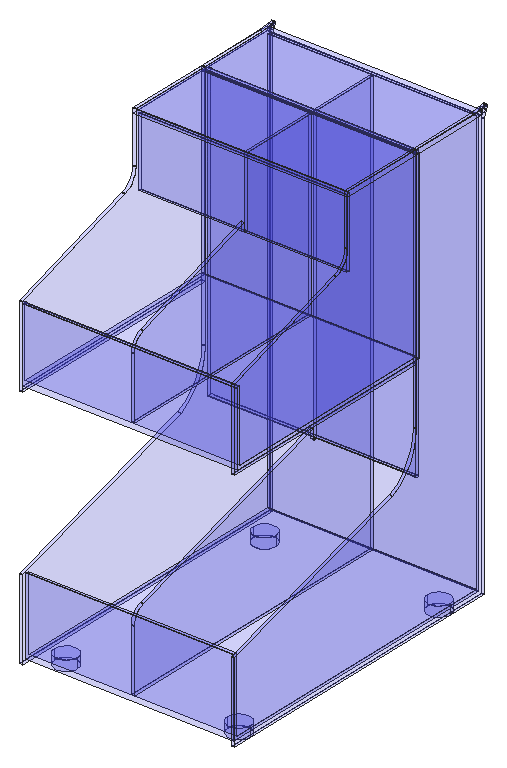
Revit family "QF_Vollrath_CFIFO-2X", category Specialty Equipment, Revit 2016
Family settings
  Part Type = Normal
  Round Connector Dimension = Use Diameter
  OmniClass Number = 23.40.40.14.24
  OmniClass Title = Food Dispensing Equipment
  Work Plane-Based = Yes
  Always vertical = Yes
  Cut with Voids When Loaded = No
  Shared = No
  Room Calculation Point = No
Parameters
  Weight in Pounds = 0
  Watermarked By = ""
  URL Cutsheet = ""
  URL = "www.vollrath.com"
  Specification by User [instance] = ""
  Specification by Manufacturer [instance] = ""
  Serial Number [instance] = ""
  Revision Code [instance] = ""
  NAFEM Spec ID Number [instance] = ""
  Model = "CFIFO-2X"
  Material = QF_Glass-Cast-Clear
  Masterspec [instance] = ""
  Manufacturer = "Vollrath"
  Item Number [instance] = "-"
  Installed By [instance] = ""
  Furnished By [instance] = ""
  Foodservice Equipment Identifier = yes
  Description = "Condiment Holder"
  Default Elevation = 48.00"
  CSI MasterFormat = ""
Reference planes (in)
  plane 1 "BACK": y = 12.24978
  plane 2 "BOTTOM": z = 0
  plane 3 "LEFT": x = -16.56573
  plane 4 "RIGHT": x = -8.31573
  plane 5 "FRONT": y = 0.24978
  plane 6 "BASE TOP": z = 0.275
  plane 7: x = -16.44073
  plane 8: x = -8.44073
  plane 9: x = -8.28323
  plane 10: x = -12.42448
  plane 11: x = -12.36198
  plane 12: x = -12.48698
  plane 13: z = 17.0297
  plane 14: y = 8.98748
  plane 15: z = 3.3941
  plane 16: z = 6.1496
  plane 17: y = 12.12478
  plane 18: y = 11.99978
  plane 19: y = 2.05478
  plane 20: z = 16.8377
  plane 21: y = 9.11248
  plane 22: y = 9.23748
  plane 23: z = 0.4
  plane 24: z = 0.52428
  plane 25: z = 5.96604
  plane 26: y = 5.67758
  plane 27: z = 14.5042
  plane 28: z = 12.7697
  plane 29: z = 9.6497
  plane 30: y = 5.80258
  plane 31: y = 0.37478
  plane 32: z = 9.7747
  plane 33: z = 9.8997
  plane 34: y = 5.92758
  plane 35: y = 0.49978
Forms (in)
  Extrusion 1, solid, material "QF_Glass-Cast-Clear" <- "Material"
    sketch origin (-16.56573, 0, 0) x (0, 1, 0) y (0, 0, 1)
      loop
        line (11.76058, 17.0297) -> (8.98748, 17.0297) -> (8.98748, 7.41715)
        arc (8.98748, 7.41715) -> (8.67678, 6.34651) -> (7.84122, 5.60852) r 2
        line (7.84122, 5.60852) -> (0.24978, 3.3941) -> (0.24978, 0.275) -> (12.24978, 0.275) -> (12.24978, 16.65182) -> (12.37256, 17.0297)
        arc (12.37256, 17.0297) -> (12.37131, 17.09227) -> (12.31397, 17.11735) r 0.05805
        line (12.31397, 17.11735) -> (11.76058, 17.0297)
      loop
        circle (12.21473, 16.96404) r 0.07728
    from 0 to 0.125
  Extrusion 2, solid, material "QF_Glass-Cast-Clear" <- "Material"
    sketch origin (-8.44073, 0, 0) x (0, 1, 0) y (0, 0, 1)
      loop
        line (11.76058, 17.0297) -> (8.98748, 17.0297) -> (8.98748, 7.41715)
        arc (8.98748, 7.41715) -> (8.67678, 6.34651) -> (7.84122, 5.60852) r 2
        line (7.84122, 5.60852) -> (0.24978, 3.3941) -> (0.24978, 0.275) -> (12.24978, 0.275) -> (12.24978, 16.65182) -> (12.37256, 17.0297)
        arc (12.37256, 17.0297) -> (12.37131, 17.09227) -> (12.31397, 17.11735) r 0.05805
        line (12.31397, 17.11735) -> (11.76058, 17.0297)
      loop
        circle (12.21473, 16.96404) r 0.07728
    from 0 to 0.125
  Extrusion 3, solid, material "QF_Glass-Cast-Clear" <- "Material"
    sketch origin (-16.56573, 0, 0) x (0, 1, 0) y (0, 0, 1)
      loop
        line (0.49978, 3.3941) -> (0.37478, 3.3941) -> (0.37478, 0.4) -> (12.12478, 0.4) -> (12.12478, 16.8377) -> (11.99978, 16.8377) -> (11.99978, 0.52428) -> (0.49978, 0.52428) -> (0.49978, 3.3941)
    from 0.125 to 8.125
  Extrusion 4, solid, material "QF_Glass-Cast-Clear" <- "Material"
    sketch origin (-16.56573, 0, 0) x (0, 1, 0) y (0, 0, 1)
      loop
        line (9.23748, 5.67275) -> (9.23748, 16.8377)
        arc (9.23748, 16.8377) -> (9.17498, 16.9002) -> (9.11248, 16.8377) r 0.0625
        line (9.11248, 16.8377) -> (9.11248, 5.67275)
        arc (9.11248, 5.67275) -> (9.17498, 5.61025) -> (9.23748, 5.67275) r 0.0625
    from 0.125 to 8.125
  Extrusion 5, solid, material "QF_Glass-Cast-Clear"
    sketch origin (-16.56573, 0, 0) x (0, 1, 0) y (0, 0, 1)
      loop
        line (11.99978, 16.8377) -> (9.23748, 16.8377) -> (9.23748, 5.55309) -> (9.11248, 5.55309) -> (9.11248, 5.96604) -> (0.9358, 3.5243)
        arc (0.9358, 3.5243) -> (0.62077, 3.30396) -> (0.49978, 2.93905) r 0.61079
        line (0.49978, 2.93905) -> (0.49978, 0.52428) -> (11.99978, 0.52428) -> (11.99978, 16.8377)
    from 4.07875 to 4.20375
  Extrusion 6, solid, material "QF_Glass-Cast-Clear" <- "Material"
    sketch origin (0.52752, 12.09133, 0) x (1, 0, 0) y (0, 1, 0)
      loop
        circle (-16.2866, -10.62678) r 0.44
      loop
        circle (-16.30526, -1.0632) r 0.44
      loop
        circle (-9.6273, -10.64574) r 0.44
      loop
        circle (-9.61776, -1.0632) r 0.44
    from 0 to 0.4
  Extrusion 7, solid, material "QF_Glass-Cast-Clear" <- "Material"
    sketch origin (-16.56573, 0, 0) x (0, 1, 0) y (0, 0, 1)
      loop
        line (12.12478, 17.0297) -> (5.67758, 17.0297) -> (5.67758, 16.8377) -> (12.12478, 16.8377) -> (12.12478, 17.0297)
    from 0 to 8.25
  Extrusion 8, solid, material "QF_Glass-Cast-Clear"
    sketch origin (-16.56573, 0, 0) x (0, 1, 0) y (0, 0, 1)
      loop
        line (8.98748, 17.0297) -> (5.67758, 17.0297) -> (5.67758, 15.05189)
        arc (5.67758, 15.05189) -> (5.53327, 14.60958) -> (5.15587, 14.33748) r 0.75
        line (5.15587, 14.33748) -> (0.24978, 12.7697) -> (0.24978, 9.6497) -> (8.98748, 9.6497) -> (8.98748, 17.0297)
    from 8.125 to 8.25
  Extrusion 9, solid, material "QF_Glass-Cast-Clear"
    sketch origin (-16.56573, 0, 0) x (0, 1, 0) y (0, 0, 1)
      loop
        line (0.37478, 12.60211) -> (0.37478, 9.7747) -> (9.11248, 9.7747) -> (9.11248, 16.86152) -> (9.01918, 16.86152) -> (8.98748, 16.86152) -> (8.98748, 9.8997) -> (0.49978, 9.8997) -> (0.49978, 12.60211)
        arc (0.49978, 12.60211) -> (0.43728, 12.66461) -> (0.37478, 12.60211) r 0.0625
    from 0 to 8.25
  Extrusion 10, solid, material "QF_Glass-Cast-Clear" <- "Material"
    sketch origin (-16.56573, 0, 0) x (0, 1, 0) y (0, 0, 1)
      loop
        line (8.99978, 16.8377) -> (5.92758, 16.8377) -> (5.92758, 14.14696) -> (5.80258, 14.14696) -> (5.80258, 14.5042) -> (0.94236, 12.91446)
        arc (0.94236, 12.91446) -> (0.62207, 12.68104) -> (0.49978, 12.30405) r 0.64224
        line (0.49978, 12.30405) -> (0.49978, 9.8997) -> (8.99978, 9.8997) -> (8.99978, 16.8377)
    from 4.07875 to 4.20375
  Extrusion 11, solid, material "QF_Glass-Cast-Clear"
    sketch origin (-16.56573, 0, 0) x (0, 1, 0) y (0, 0, 1)
      loop
        line (8.98748, 17.0297) -> (5.67758, 17.0297) -> (5.67758, 15.05189)
        arc (5.67758, 15.05189) -> (5.53327, 14.60958) -> (5.15587, 14.33748) r 0.75
        line (5.15587, 14.33748) -> (0.24978, 12.7697) -> (0.24978, 9.6497) -> (8.98748, 9.6497) -> (8.98748, 17.0297)
    from 8.125 to 8.25
  Extrusion 12, solid, material "QF_Glass-Cast-Clear"
    sketch origin (-24.69073, 0, 0) x (0, 1, 0) y (0, 0, 1)
      loop
        line (8.98748, 17.0297) -> (5.67758, 17.0297) -> (5.67758, 15.05189)
        arc (5.67758, 15.05189) -> (5.53327, 14.60958) -> (5.15587, 14.33748) r 0.75
        line (5.15587, 14.33748) -> (0.24978, 12.7697) -> (0.24978, 9.6497) -> (8.98748, 9.6497) -> (8.98748, 17.0297)
    from 8.125 to 8.25
  Extrusion 13, solid, material "QF_Glass-Cast-Clear" <- "Material"
    sketch origin (-16.56573, 0, 0) x (0, 1, 0) y (0, 0, 1)
      loop
        line (5.92758, 16.8377) -> (5.80258, 16.8377) -> (5.80258, 14.14696) -> (5.92758, 14.14696) -> (5.92758, 16.8377)
    from 0.125 to 8.125
Lines and regions (in)
  symbolic lines
    curve 1: line (-16.56573, 12.24978, 9.875) -> (-16.44073, 12.24978, 9.875)
    curve 2: line (-16.56573, 0.24978, 9.875) -> (-16.56573, 12.24978, 9.875)
    curve 3: line (-16.44073, 0.24978, 9.875) -> (-16.56573, 0.24978, 9.875)
    curve 4: line (-16.44073, 12.24978, 9.875) -> (-16.44073, 0.24978, 9.875)
    curve 5: line (-8.44073, 12.24978, 9.875) -> (-8.31573, 12.24978, 9.875)
    curve 6: line (-8.44073, 0.24978, 9.875) -> (-8.44073, 12.24978, 9.875)
    curve 7: line (-8.31573, 0.24978, 9.875) -> (-8.44073, 0.24978, 9.875)
    curve 8: line (-8.31573, 12.24978, 9.875) -> (-8.31573, 0.24978, 9.875)
    curve 9: line (-12.48698, 11.99978, 9.875) -> (-12.36198, 11.99978, 9.875)
    curve 10: line (-12.48698, 0.49978, 9.875) -> (-12.48698, 11.99978, 9.875)
    curve 11: line (-12.36198, 0.49978, 9.875) -> (-12.48698, 0.49978, 9.875)
    curve 12: line (-12.36198, 11.99978, 9.875) -> (-12.36198, 0.49978, 9.875)
    curve 13: line (-16.44073, 0.49978, 9.875) -> (-8.44073, 0.49978, 9.875)
    curve 14: line (-16.44073, 0.37478, 9.875) -> (-8.44073, 0.37478, 9.875)
    curve 15: line (-16.44073, 11.99978, 9.875) -> (-8.44073, 11.99978, 9.875)
    curve 16: line (-16.44073, 8.99978, 9.875) -> (-16.44073, 9.23748, 9.875)
    curve 17: line (-12.48698, 9.23748, 9.875) -> (-12.48698, 8.99978, 9.875)
    curve 18: line (-16.44073, 9.11277, 9.875) -> (-12.48698, 9.11277, 9.875)
    curve 19: line (-16.44073, 8.98748, 9.875) -> (-12.48698, 8.98748, 9.875)
    curve 20: line (-12.36198, 9.11248, 9.875) -> (-8.44073, 9.11248, 9.875)
    curve 21: line (-8.44073, 8.98748, 9.875) -> (-12.36198, 8.98748, 9.875)
    curve 22: line (-16.44073, 5.80258, 9.875) -> (-12.48698, 5.80258, 9.875)
    curve 23: line (-16.44073, 5.67758, 9.875) -> (-12.48698, 5.67758, 9.875)
    curve 24: line (-12.36198, 5.80258, 9.875) -> (-8.44073, 5.80258, 9.875)
    curve 25: line (-12.36198, 5.67758, 9.875) -> (-8.44073, 5.67758, 9.875)
    curve 26: line (-16.44073, 12.12478, 9.875) -> (-8.44073, 12.12478, 9.875)
Dimensions and locks (in)
  locked: plane 3 "LEFT" to plane 4 "RIGHT" at 8.25
  locked: plane 5 "FRONT" to plane 1 "BACK" at 12
  locked: plane 6 "BASE TOP" to level at 0.275
  locked: plane 3 "LEFT" to plane 7 at 0.125
  locked: plane 8 to plane 4 "RIGHT" at 0.125
  plane 12 to plane 11 = 0.125"
  plane 13 to plane 6 "BASE TOP" = 16.7547"
  locked: plane 15 to plane 6 "BASE TOP" at 3.1191
  plane 16 to plane 15 = 2.7555"
  locked: plane 13 to plane 20 at 0.192
  locked: plane 23 to plane 6 "BASE TOP" at 0.125
  locked: plane 24 to plane 23 at 0.12428
  locked: plane 16 to plane 25 at 0.18356
  locked: plane 13 to plane 27 at 2.5255
  plane 27 to plane 28 = 1.7345"
  plane 28 to plane 29 = 3.12"
  locked: Extrusion 8 to plane 32 at 0.125
  locked: plane 33 to plane 32 at 0.125
  locked: plane 26 to plane 30 at 0.125
  locked: plane 30 to plane 34 at 0.125
  locked: plane 31 to plane 5 "FRONT" at 0.125
  locked: plane 31 to plane 35 at 0.125
  plane 29 to level = 9.6497"
  plane 5 "FRONT" to plane 1 "BACK" = 12.00"
  aligned and locked: level to plane 2 "BOTTOM"
  aligned and locked: Extrusion 3 to plane 7
  aligned and locked: plane 8 to Extrusion 3
  aligned and locked: plane 8 to Extrusion 4
  aligned and locked: Extrusion 4 to plane 8
  aligned and locked: Extrusion 4 to plane 7
  aligned and locked: plane 11 to Extrusion 5
  aligned and locked: Extrusion 5 to plane 12
  aligned and locked: Extrusion 2 sketch curve to Extrusion 1  (x3)
  aligned and locked: plane 4 "RIGHT" to Extrusion 7
  aligned and locked: plane 4 "RIGHT" to Extrusion 8
  aligned and locked: Extrusion 5 to Extrusion 3
  aligned and locked: plane 4 "RIGHT" to Extrusion 9
  aligned and locked: Extrusion 10 to plane 12
  aligned and locked: Extrusion 10 to plane 11
  aligned and locked: Extrusion 12 to plane 3 "LEFT"
  aligned and locked: plane 7 to Extrusion 12
  aligned and locked: plane 8 to Extrusion 13
  aligned and locked: Extrusion 13 to plane 7
  aligned and locked: plane 26 to Extrusion 7 sketch curve
  aligned and locked: curve 2 to Extrusion 1
  aligned and locked: curve 3 to Extrusion 1
  aligned and locked: curve 4 to Extrusion 1
  aligned and locked: curve 6 to Extrusion 2
  aligned and locked: curve 7 to Extrusion 2
  aligned and locked: curve 8 to Extrusion 2
  aligned and locked: curve 10 to Extrusion 5
  aligned and locked: curve 11 to Extrusion 5
  aligned and locked: curve 12 to Extrusion 5
  aligned and locked: curve 14 to Extrusion 3
  aligned and locked: curve 15 to Extrusion 3
  aligned and locked: Extrusion 1 to curve 19
  aligned and locked: Extrusion 5 to curve 20
  aligned and locked: Extrusion 2 to curve 21
  aligned and locked: curve 22 to Extrusion 13
  aligned and locked: Extrusion 12 to curve 23
  aligned and locked: plane 26 to curve 25
  aligned and locked: plane 30 to curve 24
  aligned and locked: curve 26 to Extrusion 3
  aligned and locked: plane 1 "BACK" to curve 1
  aligned and locked: plane 1 "BACK" to curve 5
